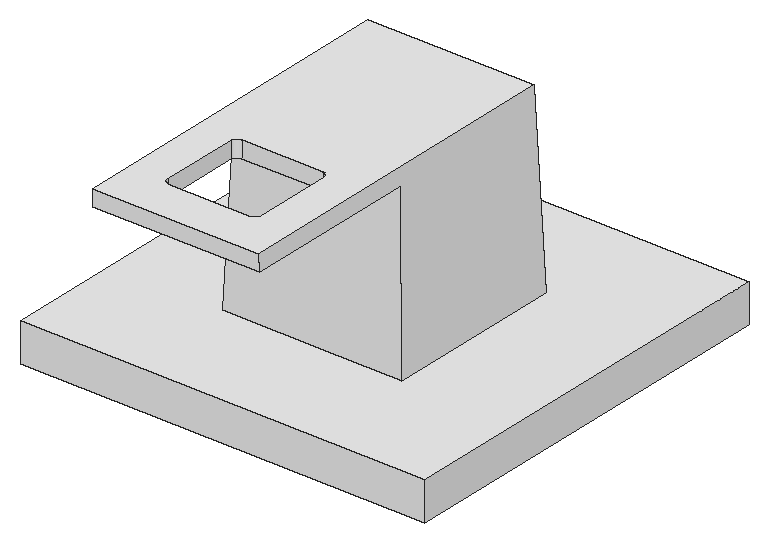
Revit family "2_Way_Diverter_Trim-Grohe-Eurocube-29218001", category Plumbing Fixtures, host Face, Revit 2018
Family settings
  Host = Face
  Round Connector Dimension = Use Diameter
  Part Type = Normal
  OmniClass Number = 23.45.05.14.17
  OmniClass Title = Showers
  Cut with Voids When Loaded = No
  Shared = Yes
  Room Calculation Point = No
Parameters (values of type "29218001")
  Width = 3 15/16"
  Waste Connection = no
  Warranty Information = "Limited Lifetime Warranty"  # constant formula
  WFU = 4  # constant formula
  Vent Connection = no
  URL = "https://www.grohe.us/"
  Type Comments = ""
  Product Page URL = "https://www.grohe.us/Bath-Shower-Trim-Kits/2-Way-Diverter-Trim/CHROME-29218001"
  Product Documentation Link = "https://americanstandard.box.com/shared/static/ujk1rywt3chxmhfivku43n31pgc0lpz9.pdf"
  Price = "Prices may vary. Please consult Manufacturer Representative for most up-to-date price list."  # constant formula
  Model = "29218001"
  Material = "Metal-Grohe-001-Chrome"
  Manufacturer = "Grohe"
  Length = 2 3/16"
  Installation Type = "Wall Mounted"  # constant formula
  Height = 4 1/2"
  HWFU = 3  # constant formula
  HW Connection = yes
  Finish = Metal-Grohe-001-Starlight Chrome
  Description = "EUROCUBE 2-Way Shower Diverter"  # constant formula
  Default Elevation = 0"
  Creation Date = "05/03/2021"  # constant formula
  CWFU = 3  # constant formula
  CW Connection = yes
  Assembly Code = "D2020300"
  ADA Compliant = yes
Reference planes (in)
  plane 1 "Center (Front/Back)": y = 0
  plane 2: z = 0
  plane 3 "Center (Left/Right)": x = 0
  plane 4: x = 1.96875
  plane 5: x = -1.96875
  plane 6: y = 1.96875
  plane 7: y = -1.96875
  plane 8: y = -2.53125
  plane 9: z = 0.375
  plane 10: x = 0.875
  plane 11: x = -0.875
  plane 12: y = 0.875
  plane 13: y = -0.875
  plane 14: z = 2.02737
  plane 15: z = 2.1875
Forms (in)
  Extrusion 1, solid, material "Metal-Grohe-001-Starlight Chrome" <- "Finish"
    sketch origin (0, 0, 0) x (1, 0, 0) y (0, 1, 0)
      loop
        line (-1.96875, 1.96875) -> (-1.96875, -1.96875) -> (1.96875, -1.96875) -> (1.96875, 1.96875) -> (-1.96875, 1.96875)
    from 0 to 0.375
  Blend 2, solid, material "Metal-Grohe-001-Starlight Chrome" <- "Finish"
    base sketch origin (0, 0, 0) x (1, 0, 0) y (0, 1, 0)
      loop
        line (-0.875, 0.875) -> (-0.875, -0.875) -> (0.875, -0.875) -> (0.875, 0.875) -> (-0.875, 0.875)
    top sketch origin (0, 0, 0) x (1, 0, 0) y (0, 1, 0)
      loop
        line (-0.81538, 0.8125) -> (-0.81538, -0.8113) -> (0.8125, -0.8113) -> (0.8125, 0.8125) -> (-0.81538, 0.8125)
    from 0.375 to 2.02737
  Extrusion 3, solid, material "Metal-Grohe-001-Starlight Chrome" <- "Finish"
    sketch origin (0, 0, 0) x (1, 0, 0) y (0, 0, 1)
      loop
        line (-0.81538, 2.02737) -> (0.8125, 2.02737) -> (0.80644, 2.1875) -> (-0.8096, 2.1875) -> (-0.81538, 2.02737)
    from -0.81396 to 2.53125
  Extrusion 4, void
    sketch origin (0, 0, 0) x (1, 0, 0) y (0, 1, 0)
      loop
        arc (-0.39276, -1.24252) -> (-0.43695, -1.26083) -> (-0.45526, -1.30502) r 0.0625
        line (-0.45526, -1.30502) -> (-0.45526, -2.06462)
        arc (-0.45526, -2.06462) -> (-0.43695, -2.10881) -> (-0.39276, -2.12712) r 0.0625
        line (-0.39276, -2.12712) -> (0.39276, -2.12712)
        arc (0.39276, -2.12712) -> (0.43695, -2.10881) -> (0.45526, -2.06462) r 0.0625
        line (0.45526, -2.06462) -> (0.45526, -1.30502)
        arc (0.45526, -1.30502) -> (0.43695, -1.26083) -> (0.39276, -1.24252) r 0.0625
        line (0.39276, -1.24252) -> (-0.39276, -1.24252)
    from 1.94035 to 2.29795
Cuts and joins
  Extrusion 4 cuts Blend 2
  Extrusion 4 cuts Extrusion 3
  joined: Blend 2, Extrusion 3
  Extrusion 4 cuts Extrusion 1
Lines and regions (in)
  Masking region 1
    outline origin (0, 0, 0) x (1, 0, 0) y (0, 0, 1)
      loop
        line (0.80644, 2.1875) -> (-0.8096, 2.1875) -> (-0.875, 0.375) -> (-1.96875, 0.375) -> (-1.96875, 0) -> (1.96875, 0) -> (1.96875, 0.375) -> (0.875, 0.375) -> (0.80644, 2.1875)
  symbolic lines, detail levels medium+fine
    curve 1: line (0.875, 0, 0.375) -> (-0.875, 0, 0.375)
Dimensions and locks (in)
  plane 6 to plane 7 = 3 15/16"
  plane 6 to plane 8 = 4 1/2"
  "Width": plane 5 to plane 4
  "Height": plane 8 to plane 6
  aligned and locked: plane 2 to host face
  aligned and locked: level to host face
  aligned and locked: Extrusion 1 to plane 9
  aligned and locked: plane 12 to Blend 2 sketch curve
  aligned and locked: plane 11 to Blend 2 sketch curve
  aligned and locked: Blend 2 sketch curve to plane 13
  aligned and locked: Blend 2 sketch curve to plane 10
  aligned and locked: Blend 2 to Extrusion 1
  aligned and locked: Blend 2 to plane 14
  aligned and locked: Extrusion 3 to plane 15
Automatic sketch dimensions
  host sketch curve to host sketch curve = 96"  (x2)
  Extrusion 1 sketch curve to plane 5 = 0"
  Extrusion 1 sketch curve to plane 4 = 0"
  plane 7 to Extrusion 1 sketch curve = 0"
  plane 6 to Extrusion 1 sketch curve = 0"
  plane 11 to Blend 2 sketch curve = 0.05962"
  Blend 2 sketch curve to plane 10 = 1/16"
  Blend 2 sketch curve to plane 13 = 0.0637"
  plane 12 to Blend 2 sketch curve = 1/16"
  Extrusion 3 sketch curve to plane 14 = 0"
  Extrusion 3 sketch curve to plane 15 = 0"
  plane 11 to Extrusion 3 sketch curve = 0.05962"
  plane 11 to Extrusion 3 sketch curve = 0.0654"
  Extrusion 3 sketch curve to plane 10 = 0.06856"
  Extrusion 3 sketch curve to plane 10 = 1/16"
  plane 7 to Extrusion 4 sketch curve = 0.09587"
  plane 11 to Extrusion 4 sketch curve = 0.41974"
  Extrusion 4 sketch curve to Extrusion 4 sketch curve = 1/16"  (x3)
  plane 3 "Center (Left/Right)" to Extrusion 4 sketch curve = 0.39276"  (x2)
  plane 13 to Extrusion 4 sketch curve = 0.43002"
  Masking region 1 sketch curve to level = 0"
  Masking region 1 sketch curve to plane 5 = 0"
  Masking region 1 sketch curve to plane 9 = 0"  (x2)
  Masking region 1 sketch curve to plane 11 = 0"
  Masking region 1 sketch curve to plane 15 = 0"
  Masking region 1 sketch curve to plane 10 = 0"
  Masking region 1 sketch curve to plane 4 = 0"
  plane 11 to Masking region 1 sketch curve = 0.0654"
  Masking region 1 sketch curve to plane 10 = 0.06856"
  curve 1 to plane 9 = 0"
  curve 1 to plane 11 = 0"
  curve 1 to plane 10 = 0"
